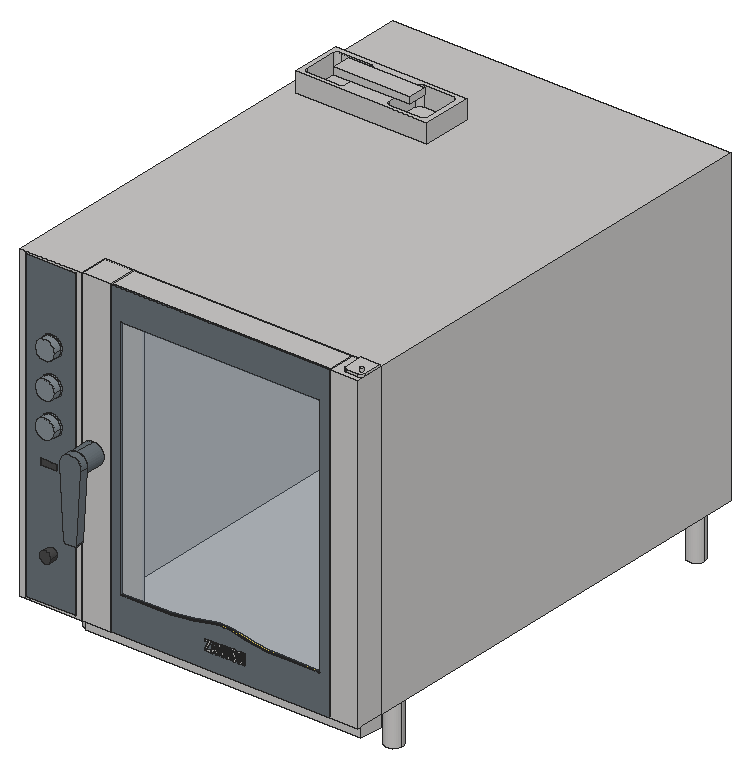
Revit family "QF_ZANUSSI_240478_ZFCL12CSBQ", category Specialty Equipment, Revit 2023 (continued)
Definition of nested family "ZAN_DOOR_CROSSWISE_H820"
  Automatic sketch dimensions
    Extrusion 4 sketch curve to Extrusion 4 sketch curve = 0.597 mm  (x2)
    Extrusion 4 sketch curve to Extrusion 4 sketch curve = 2.07 mm  (x2)
    Extrusion 4 sketch curve to Extrusion 4 sketch curve = 1.298 mm  (x2)
    Extrusion 4 sketch curve to Extrusion 4 sketch curve = 1.366 mm  (x2)
    Extrusion 4 sketch curve to Extrusion 4 sketch curve = 0.362 mm  (x2)
    Extrusion 4 sketch curve to Extrusion 4 sketch curve = 0.15 mm  (x2)
    Extrusion 4 sketch curve to Extrusion 4 sketch curve = 0.726 mm  (x3)
    Extrusion 4 sketch curve to Extrusion 4 sketch curve = 0.409 mm  (x2)
    Extrusion 4 sketch curve to Extrusion 4 sketch curve = 1.432 mm  (x2)
    Extrusion 4 sketch curve to Extrusion 4 sketch curve = 2.132 mm  (x2)
    Extrusion 4 sketch curve to Extrusion 4 sketch curve = 2.415 mm  (x2)
    Extrusion 4 sketch curve to Extrusion 4 sketch curve = 2.892 mm  (x2)
    Extrusion 4 sketch curve to Extrusion 4 sketch curve = 4.969 mm
    Extrusion 4 sketch curve to Extrusion 4 sketch curve = 2.57 mm
    Extrusion 4 sketch curve to Extrusion 4 sketch curve = 0.116 mm
    Extrusion 4 sketch curve to Extrusion 4 sketch curve = 2.846 mm
    Extrusion 4 sketch curve to Extrusion 4 sketch curve = 4.422 mm  (x2)
    Extrusion 4 sketch curve to Extrusion 4 sketch curve = 1.773 mm
    Extrusion 4 sketch curve to Extrusion 4 sketch curve = 5.719 mm
    Extrusion 4 sketch curve to Extrusion 4 sketch curve = 3.505 mm
    Extrusion 4 sketch curve to Extrusion 4 sketch curve = 1.646 mm
    Extrusion 4 sketch curve to Extrusion 4 sketch curve = 0.109 mm
    Extrusion 4 sketch curve to Extrusion 4 sketch curve = 1.311 mm
    Extrusion 4 sketch curve to Extrusion 4 sketch curve = 6.224 mm
    Extrusion 4 sketch curve to Extrusion 4 sketch curve = 6.061 mm
    Extrusion 4 sketch curve to Extrusion 4 sketch curve = 5.967 mm
    Extrusion 4 sketch curve to Extrusion 4 sketch curve = 5.897 mm  (x2)
    Extrusion 4 sketch curve to Extrusion 4 sketch curve = 0.819 mm  (x3)
    Extrusion 4 sketch curve to Extrusion 4 sketch curve = 3.276 mm
    Extrusion 4 sketch curve to Extrusion 4 sketch curve = 0.856 mm
    Extrusion 4 sketch curve to Extrusion 4 sketch curve = 5.934 mm
    Extrusion 4 sketch curve to Extrusion 4 sketch curve = 6.716 mm
    Extrusion 4 sketch curve to Extrusion 4 sketch curve = 8.598 mm
    Extrusion 4 sketch curve to Extrusion 4 sketch curve = 7.535 mm
    Extrusion 4 sketch curve to Extrusion 4 sketch curve = 6.308 mm
    Extrusion 4 sketch curve to Extrusion 4 sketch curve = 1.217 mm
    Extrusion 4 sketch curve to Extrusion 4 sketch curve = 3.121 mm  (x2)
    Extrusion 5 sketch curve to plane 7 = 0 mm  (x2)
    Extrusion 5 sketch curve to plane 9 = 0 mm
    Extrusion 5 sketch curve to plane 16 = 0 mm
    Extrusion 5 sketch curve to plane 5 "Feet" = 0 mm
    plane 15 to Extrusion 5 sketch curve = 0 mm
    plane 13 to Extrusion 5 sketch curve = 0 mm
    plane 14 to Extrusion 5 sketch curve = 0 mm
    Extrusion 6 sketch curve to plane 7 = 0 mm
    Extrusion 6 sketch curve to plane 9 = 0 mm
    Extrusion 6 sketch curve to plane 16 = 0 mm
    plane 13 to Extrusion 6 sketch curve = 0 mm
    Extrusion 7 sketch curve to plane 4 "Top" = 0 mm
    Extrusion 7 sketch curve to plane 7 = 0 mm
    plane 15 to Extrusion 7 sketch curve = 0 mm
    Extrusion 7 sketch curve to plane 14 = 0 mm
    plane 5 "Feet" to Extrusion 10 sketch curve = 0 mm
    Extrusion 10 sketch curve to plane 1 "Center (Front/Back)" = 0 mm
    plane 6 "Front" to Extrusion 10 sketch curve = 10 mm
    Extrusion 10 sketch curve to Extrusion 10 sketch curve = 25 mm
    Extrusion 10 sketch curve to Extrusion 10 sketch curve = 29.545 mm
    plane 6 "Front" to Extrusion 11 sketch curve = 33.081 mm
    Extrusion 11 sketch curve to plane 3 "Center (Left/Right)" = 17.1 mm
    plane 1 "Center (Front/Back)" to Extrusion 12 sketch curve = 0 mm
    Extrusion 12 sketch curve to plane 3 "Center (Left/Right)" = 2.67 mm
    plane 6 "Front" to Extrusion 12 sketch curve = 25 mm  (x2)
    Extrusion 12 sketch curve to Extrusion 12 sketch curve = 10 mm
    Extrusion 12 sketch curve to Extrusion 12 sketch curve = 30 mm
    Extrusion 14 sketch curve to Extrusion 14 sketch curve = 0 mm  (x10)
    Extrusion 14 sketch curve to plane 4 "Top" = 59.547 mm  (x2)
    Extrusion 14 sketch curve to Extrusion 14 sketch curve = 19.857 mm  (x2)
    plane 16 to Extrusion 14 sketch curve = 75.313 mm  (x2)
    Extrusion 14 sketch curve to Extrusion 14 sketch curve = 0.426 mm  (x2)
    plane 16 to Extrusion 14 sketch curve = 72.277 mm  (x2)
    plane 5 "Feet" to Extrusion 14 sketch curve = 14.106 mm
    plane 13 to Extrusion 14 sketch curve = 38.728 mm
    plane 13 to Extrusion 14 sketch curve = 93.987 mm
    Extrusion 14 sketch curve to Extrusion 14 sketch curve = 1.078 mm  (x2)
    Extrusion 14 sketch curve to Extrusion 14 sketch curve = 20.088 mm  (x2)
    Extrusion 14 sketch curve to Extrusion 14 sketch curve = 0.669 mm
    plane 9 to Extrusion 14 sketch curve = 132.513 mm
    plane 9 to Extrusion 14 sketch curve = 125.32 mm
    plane 9 to Extrusion 14 sketch curve = 57.166 mm
    plane 16 to Extrusion 14 sketch curve = 93.896 mm
    Extrusion 14 sketch curve to Extrusion 14 sketch curve = 0.343 mm
    Extrusion 14 sketch curve to Extrusion 14 sketch curve = 0.346 mm
    Extrusion 14 sketch curve to Extrusion 14 sketch curve = 1.209 mm
    Extrusion 14 sketch curve to Extrusion 14 sketch curve = 5.816 mm  (x2)
    Extrusion 14 sketch curve to Extrusion 14 sketch curve = 5.779 mm
    Extrusion 14 sketch curve to Extrusion 14 sketch curve = 5.783 mm
    Extrusion 15 sketch curve to Extrusion 15 sketch curve = 0 mm  (x13)
    Extrusion 15 sketch curve to plane 9 = 0 mm
    plane 13 to Extrusion 15 sketch curve = 0 mm
    Extrusion 15 sketch curve to plane 4 "Top" = 59.547 mm  (x2)
    plane 8 to Extrusion 15 sketch curve = 0.808 mm  (x2)
    plane 17 to Extrusion 15 sketch curve = 113.011 mm  (x2)
    Extrusion 15 sketch curve to Extrusion 15 sketch curve = 0.173 mm  (x2)
    Extrusion 15 sketch curve to Extrusion 15 sketch curve = 19.857 mm  (x2)
    Extrusion 15 sketch curve to Extrusion 15 sketch curve = 19.97 mm  (x2)
    plane 16 to Extrusion 15 sketch curve = 75.313 mm  (x2)
    Extrusion 15 sketch curve to Extrusion 15 sketch curve = 0.426 mm  (x2)
    Extrusion 15 sketch curve to Extrusion 15 sketch curve = 2.497 mm  (x2)
    Extrusion 15 sketch curve to Extrusion 15 sketch curve = 2.422 mm  (x2)
    plane 16 to Extrusion 15 sketch curve = 72.277 mm  (x2)
    plane 5 "Feet" to Extrusion 15 sketch curve = 14.106 mm
    Extrusion 15 sketch curve to Extrusion 15 sketch curve = 14.485 mm
    Extrusion 15 sketch curve to Extrusion 15 sketch curve = 15.571 mm
    Extrusion 15 sketch curve to level = 90.354 mm
    plane 13 to Extrusion 15 sketch curve = 172.943 mm
    Extrusion 15 sketch curve to Extrusion 15 sketch curve = 250.632 mm
    plane 13 to Extrusion 15 sketch curve = 38.728 mm
    plane 13 to Extrusion 15 sketch curve = 66.611 mm
    Extrusion 15 sketch curve to Extrusion 15 sketch curve = 79.596 mm
    Extrusion 15 sketch curve to Extrusion 15 sketch curve = 14.39 mm
    Extrusion 15 sketch curve to Extrusion 15 sketch curve = 0.048 mm  (x2)
    plane 13 to Extrusion 15 sketch curve = 105.804 mm
    Extrusion 15 sketch curve to Extrusion 15 sketch curve = 1.078 mm  (x2)
    Extrusion 15 sketch curve to Extrusion 15 sketch curve = 1.817 mm
    Extrusion 15 sketch curve to Extrusion 15 sketch curve = 0.955 mm  (x2)
    Extrusion 15 sketch curve to Extrusion 15 sketch curve = 20.088 mm
    Extrusion 15 sketch curve to Extrusion 15 sketch curve = 0.061 mm  (x2)
    plane 13 to Extrusion 15 sketch curve = 221.698 mm
    Extrusion 15 sketch curve to Extrusion 15 sketch curve = 28.998 mm
    Extrusion 15 sketch curve to Extrusion 15 sketch curve = 2.06 mm
    Extrusion 15 sketch curve to Extrusion 15 sketch curve = 0.191 mm
    Extrusion 15 sketch curve to Extrusion 15 sketch curve = 0.669 mm
    Extrusion 15 sketch curve to Extrusion 15 sketch curve = 1.051 mm
    Extrusion 15 sketch curve to Extrusion 15 sketch curve = 5.17 mm
    Extrusion 15 sketch curve to Extrusion 15 sketch curve = 63.165 mm
    Extrusion 15 sketch curve to Extrusion 15 sketch curve = 160.676 mm
    plane 9 to Extrusion 15 sketch curve = 132.574 mm
    plane 9 to Extrusion 15 sketch curve = 126.275 mm
    Extrusion 15 sketch curve to Extrusion 15 sketch curve = 0.216 mm
    Extrusion 15 sketch curve to Extrusion 15 sketch curve = 20.101 mm
    Extrusion 15 sketch curve to Extrusion 15 sketch curve = 14.439 mm
    plane 9 to Extrusion 15 sketch curve = 85.049 mm
    plane 9 to Extrusion 15 sketch curve = 57.166 mm
    plane 16 to Extrusion 15 sketch curve = 93.896 mm
    Extrusion 15 sketch curve to Extrusion 15 sketch curve = 0.343 mm
    Extrusion 15 sketch curve to Extrusion 15 sketch curve = 0.346 mm
    Extrusion 15 sketch curve to Extrusion 15 sketch curve = 1.209 mm
    Extrusion 15 sketch curve to Extrusion 15 sketch curve = 2.747 mm
    Extrusion 15 sketch curve to Extrusion 15 sketch curve = 2.745 mm  (x2)
    Extrusion 15 sketch curve to Extrusion 15 sketch curve = 2.666 mm
    Extrusion 15 sketch curve to Extrusion 15 sketch curve = 2.667 mm
    Extrusion 15 sketch curve to Extrusion 15 sketch curve = 5.816 mm  (x2)
    Extrusion 15 sketch curve to Extrusion 15 sketch curve = 2.231 mm
    Extrusion 15 sketch curve to Extrusion 15 sketch curve = 5.779 mm
    Extrusion 15 sketch curve to Extrusion 15 sketch curve = 5.783 mm
    Extrusion 15 sketch curve to Extrusion 15 sketch curve = 2.602 mm
    Extrusion 15 sketch curve to Extrusion 15 sketch curve = 2.603 mm
    Extrusion 2 sketch curve to plane 4 "Top" = 0 mm
    Extrusion 2 sketch curve to plane 8 = 0 mm
    Extrusion 2 sketch curve to plane 9 = 0 mm
    Extrusion 2 sketch curve to plane 5 "Feet" = 0 mm
    plane 8 to Extrusion 2 sketch curve = 0.808 mm  (x2)
    plane 17 to Extrusion 2 sketch curve = 113.011 mm  (x2)
    Extrusion 2 sketch curve to Extrusion 2 sketch curve = 40 mm  (x2)
    plane 16 to Extrusion 2 sketch curve = 72.816 mm
    Extrusion 2 sketch curve to Extrusion 2 sketch curve = 0.351 mm  (x2)
    plane 16 to Extrusion 2 sketch curve = 72.277 mm
    Extrusion 2 sketch curve to Extrusion 2 sketch curve = 0.187 mm  (x2)
    plane 5 "Feet" to Extrusion 2 sketch curve = 51.274 mm
    Extrusion 2 sketch curve to Extrusion 2 sketch curve = 0 mm  (x5)
    Extrusion 2 sketch curve to Extrusion 2 sketch curve = 15.473 mm
    plane 9 to Extrusion 2 sketch curve = 191.381 mm
    Extrusion 2 sketch curve to level = 340.986 mm
    plane 15 to Extrusion 2 sketch curve = 0 mm
    plane 13 to Extrusion 2 sketch curve = 66.611 mm
    plane 13 to Extrusion 2 sketch curve = 79.596 mm
    Extrusion 2 sketch curve to Extrusion 2 sketch curve = 14.439 mm  (x2)
    plane 13 to Extrusion 2 sketch curve = 107.621 mm
    Extrusion 2 sketch curve to Extrusion 2 sketch curve = 0.216 mm  (x2)
    Extrusion 2 sketch curve to Extrusion 2 sketch curve = 20.101 mm  (x2)
    Extrusion 2 sketch curve to Extrusion 2 sketch curve = 160.676 mm
    Extrusion 2 sketch curve to Extrusion 2 sketch curve = 137.516 mm
    Extrusion 2 sketch curve to Extrusion 2 sketch curve = 1.285 mm
    Extrusion 2 sketch curve to Extrusion 2 sketch curve = 0.691 mm
    Extrusion 2 sketch curve to Extrusion 2 sketch curve = 3.257 mm
    plane 9 to Extrusion 2 sketch curve = 132.574 mm
    plane 9 to Extrusion 2 sketch curve = 126.275 mm
    plane 9 to Extrusion 2 sketch curve = 85.049 mm
    Extrusion 2 sketch curve to plane 14 = 0 mm
    plane 16 to Extrusion 2 sketch curve = 90.843 mm
    Extrusion 2 sketch curve to Extrusion 2 sketch curve = 0.408 mm
    Extrusion 2 sketch curve to Extrusion 2 sketch curve = 0.411 mm
    Extrusion 2 sketch curve to Extrusion 2 sketch curve = 0.755 mm
    Extrusion 2 sketch curve to Extrusion 2 sketch curve = 0.758 mm
    Extrusion 2 sketch curve to Extrusion 2 sketch curve = 5.38 mm
    Extrusion 2 sketch curve to Extrusion 2 sketch curve = 6.15 mm
    Extrusion 2 sketch curve to Extrusion 2 sketch curve = 6.154 mm
    plane 13 to Extrusion 2 sketch curve = 0 mm
    plane 17 to Extrusion 14 sketch curve = 112.838 mm  (x2)
    Extrusion 14 sketch curve to level = 90.354 mm
    Extrusion 14 sketch curve to plane 3 "Center (Left/Right)" = 205.804 mm
    Extrusion 14 sketch curve to plane 3 "Center (Left/Right)" = 321.698 mm
    Extrusion 14 sketch curve to Extrusion 14 sketch curve = 138.871 mm
    Extrusion 14 sketch curve to Extrusion 14 sketch curve = 63.165 mm
    Extrusion 8 sketch curve to plane 17 = 0 mm
    Extrusion 8 sketch curve to plane 18 = 0 mm
    plane 18 to Extrusion 8 sketch curve = 11.817 mm
    Extrusion 8 sketch curve to Extrusion 8 sketch curve = 4.988 mm
    Extrusion 8 sketch curve to plane 17 = 1.756 mm
    Extrusion 8 sketch curve to plane 12 = 19.055 mm
    Extrusion 8 sketch curve to plane 18 = 11.817 mm
    Extrusion 8 sketch curve to Extrusion 8 sketch curve = 4.99 mm
    Extrusion 8 sketch curve to Extrusion 8 sketch curve = 176.899 mm
    Extrusion 8 sketch curve to Extrusion 8 sketch curve = 0 mm
    Extrusion 8 sketch curve to Extrusion 8 sketch curve = 0.313 mm
    Extrusion 8 sketch curve to plane 11 = 0.013 mm
    plane 1 "Center (Front/Back)" to curve 5 = 0 mm
    curve 8 to plane 3 "Center (Left/Right)" = 0 mm
    curve 14 to plane 3 "Center (Left/Right)" = 2.67 mm
    curve 12 to plane 3 "Center (Left/Right)" = 12.67 mm
    curve 16 to curve 13 = 4.431 mm
    curve 15 to curve 11 = 10 mm
    curve 4 to plane 12 = 11.987 mm
    curve 3 to plane 11 = 0.013 mm
    curve 6 to plane 11 = 0.004 mm
    curve 3 to curve 2 = 74.533 mm
    curve 13 to curve 16 = 8.081 mm
    curve 10 to plane 10 = 0 mm
    plane 9 to curve 9 = 0 mm
    curve 3 to curve 1 = 20 mm
    Extrusion 13 sketch curve to plane 6 "Front" = 0 mm
    Extrusion 13 sketch curve to plane 3 "Center (Left/Right)" = 0 mm
    Extrusion 13 sketch curve to plane 3 "Center (Left/Right)" = 17.33 mm
    plane 6 "Front" to Extrusion 13 sketch curve = 22.83 mm
    plane 11 to Extrusion 13 sketch curve = 0.004 mm
    curve 15 to plane 10 = 22.33 mm
    curve 3 to plane 6 "Front" = 75 mm
    plane 6 "Front" to curve 12 = 15 mm
    curve 18 to plane 6 "Front" = 0 mm
    curve 18 to plane 3 "Center (Left/Right)" = 0 mm
    curve 18 to curve 13 = 4.66 mm
    curve 18 to curve 13 = 2.17 mm
    curve 17 to curve 7 = 672.575 mm
    plane 11 to curve 18 = 0.004 mm
    radius of Extrusion 9 sketch curve = 28 mm
    radius of Extrusion 11 sketch curve = 5 mm
    radius of curve 16 = 5 mm
